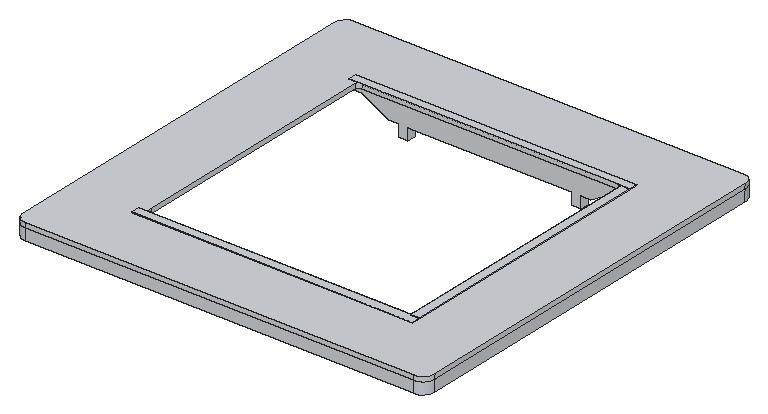
Revit family "Gira_0211295", category Electrical Fixtures, host Face, Revit 2017
Family settings
  Host = Face
  Maintain Annotation Orientation = No
  Round Connector Dimension = Use Diameter
  Part Type = Normal
  Cut with Voids When Loaded = No
  Shared = No
  Room Calculation Point = No
Parameters (values of type "Abdeckrahmen 1f flach Gira E2 Reinweiß")
  Werkstoffgüte = "Thermoplast"
  Werkstoff = "Kunststoff"
  URL = "http://katalog.gira.de/de_DE/datenblatt.html?artikelnr=0211295"
  Transparent = "No"
  Textfeld/Beschriftungsfläche = "No"
  Schutzart (IP) = "IP20"
  Region = "DE"
  RAL-Nummer (ähnlich) = "9010 "
  Oberfläche = "sonstige"
  Name = "Abdeckrahmen 1f flach Gira E2 Reinweiß"
  Montagerichtung = "horizontal und vertikal"
  Mit Montagerahmen = "No"
  Mit Klappdeckel = "No"
  Manufacturer URL = "https://www.gira.de/"
  Keynote = "E2flach_Rahmen_1fach.stp"
  HeinzeBIM = "https://bimportal.heinze.de/bim/abdeckrahmen-1f-flach-gira-e2-reinweiss/2b91a80beee54fe65c890e24a301b51d3f3a6594"
  Halogenfrei = "Yes"
  HAN = "0211295"
  Geeignet für Unterputz-Installation = "Yes"
  Geeignet für Unterflurkanaldose = "No"
  Geeignet für Geräteeinbaukanal = "No"
  Geeignet für Einbauinstallation = "No"
  GTIN = "4010337022299"
  Farbe = "weiß"
  Default Elevation = 1219.2 mm
  Data sheet (1) = "https://katalog.gira.de/de_DE/download.html?artikelnr=0211295"
  Category = "Abdeckrahmen"
  Befestigungsart = "Klemmbefestigung"
  Available = "Yes"
  Ausführung der Oberfläche = "glänzend"
  Anzahl der Einheiten vertikal = "1 "
  Anzahl der Einheiten horizontal = "1 "
  Anzahl der Einheiten = "1 "
Reference planes
  plane 1 "Center (Front/Back)": y = 0
  plane 2: z = 0
  plane 3 "Center (Left/Right)": x = 0
Forms (mm)
  Extrusion 1, solid, detail levels fine
    sketch origin (0, 0, 0) x (1, 0, 0) y (0, 1, 0)
      loop
        arc (-41.4, 43.9) -> (-43.168, 43.168) -> (-43.9, 41.4) r 2.5
        line (-43.9, 41.4) -> (-43.9, -41.4)
        arc (-43.9, -41.4) -> (-43.168, -43.168) -> (-41.4, -43.9) r 2.5
        line (-41.4, -43.9) -> (41.4, -43.9)
        arc (41.4, -43.9) -> (43.168, -43.168) -> (43.9, -41.4) r 2.5
        line (43.9, -41.4) -> (43.9, 41.4)
        arc (43.9, 41.4) -> (43.168, 43.168) -> (41.4, 43.9) r 2.5
        line (41.4, 43.9) -> (-41.4, 43.9)
      loop
        spline (-28.144, -27.245) -> (-28.136, -27.363) -> (-28.113, -27.478) -> (-28.075, -27.589) -> (-28.023, -27.695) -> (-27.958, -27.792) -> (-27.881, -27.881) -> (-27.792, -27.958) -> (-27.695, -28.023) -> (-27.589, -28.075) -> (-27.478, -28.113) -> (-27.363, -28.136) -> (-27.245, -28.144)
        line (-27.245, -28.144) -> (27.245, -28.144)
        spline (27.245, -28.144) -> (27.363, -28.136) -> (27.478, -28.113) -> (27.589, -28.075) -> (27.695, -28.023) -> (27.792, -27.958) -> (27.881, -27.881) -> (27.958, -27.792) -> (28.023, -27.695) -> (28.075, -27.589) -> (28.113, -27.478) -> (28.136, -27.363) -> (28.144, -27.245)
        line (28.144, -27.245) -> (28.144, 27.245)
        spline (28.144, 27.245) -> (28.136, 27.363) -> (28.113, 27.478) -> (28.075, 27.589) -> (28.023, 27.695) -> (27.958, 27.792) -> (27.881, 27.881) -> (27.792, 27.958) -> (27.695, 28.023) -> (27.589, 28.075) -> (27.478, 28.113) -> (27.363, 28.136) -> (27.245, 28.144)
        line (27.245, 28.144) -> (-27.245, 28.144)
        spline (-27.245, 28.144) -> (-27.363, 28.136) -> (-27.478, 28.113) -> (-27.589, 28.075) -> (-27.695, 28.023) -> (-27.792, 27.958) -> (-27.881, 27.881) -> (-27.958, 27.792) -> (-28.023, 27.695) -> (-28.075, 27.589) -> (-28.113, 27.478) -> (-28.136, 27.363) -> (-28.144, 27.245)
        line (-28.144, 27.245) -> (-28.144, -27.245)
    from 2.5 to 3.4
  Extrusion 2, solid, detail levels fine
    sketch origin (0, 0, 0) x (1, 0, 0) y (0, 1, 0)
      loop
        arc (-41.4, 43.9) -> (-43.168, 43.168) -> (-43.9, 41.4) r 2.5
        line (-43.9, 41.4) -> (-43.9, -41.4)
        arc (-43.9, -41.4) -> (-43.168, -43.168) -> (-41.4, -43.9) r 2.5
        line (-41.4, -43.9) -> (41.4, -43.9)
        arc (41.4, -43.9) -> (43.168, -43.168) -> (43.9, -41.4) r 2.5
        line (43.9, -41.4) -> (43.9, 41.4)
        arc (43.9, 41.4) -> (43.168, 43.168) -> (41.4, 43.9) r 2.5
        line (41.4, 43.9) -> (-41.4, 43.9)
      loop
        arc (-41.4, 43.4) -> (-42.814, 42.814) -> (-43.4, 41.4) r 2
        line (-43.4, 41.4) -> (-43.4, -41.4)
        arc (-43.4, -41.4) -> (-42.814, -42.814) -> (-41.4, -43.4) r 2
        line (-41.4, -43.4) -> (41.4, -43.4)
        arc (41.4, -43.4) -> (42.814, -42.814) -> (43.4, -41.4) r 2
        line (43.4, -41.4) -> (43.4, 41.4)
        arc (43.4, 41.4) -> (42.814, 42.814) -> (41.4, 43.4) r 2
        line (41.4, 43.4) -> (-41.4, 43.4)
    from 0 to 2.5
  Extrusion 3, solid, detail levels fine
    sketch origin (0, 0, 0) x (1, 0, 0) y (0, 0, 1)
      loop
        line (-17.5, -4.06) -> (-17.5, -1.56) -> (17.5, -1.56) -> (17.5, -4.06) -> (19.5, -4.06) -> (19.5, -1.56) -> (21.654, -1.56) -> (27.214, 1.65) -> (30, 1.65) -> (30, 3.4) -> (-30, 3.4) -> (-30, 1.65) -> (-27.214, 1.65) -> (-21.654, -1.56) -> (-19.5, -1.56) -> (-19.5, -4.06) -> (-17.5, -4.06)
    from 28.144 to 30
  Extrusion 4, solid, detail levels fine
    sketch origin (0, 0, 0) x (0, -1, 0) y (0, 0, -1)
      loop
        line (-17.5, 4.06) -> (-19.5, 4.06) -> (-19.5, 1.56) -> (-21.654, 1.56) -> (-27.214, -1.65) -> (-28.144, -1.65) -> (-28.144, -3.4) -> (28.144, -3.4) -> (28.144, -1.65) -> (27.214, -1.65) -> (21.654, 1.56) -> (19.5, 1.56) -> (19.5, 4.06) -> (17.5, 4.06) -> (17.5, 1.56) -> (-17.5, 1.56) -> (-17.5, 4.06)
    from 28.144 to 30
  Extrusion 5, solid, detail levels medium
    sketch origin (0, 0, 0) x (0, -1, 0) y (0, 0, 1)
      loop
        line (-17.5, -4.06) -> (-17.5, -1.56) -> (17.5, -1.56) -> (17.5, -4.06) -> (19.5, -4.06) -> (19.5, -1.56) -> (28.144, -1.56) -> (28.144, 3.4) -> (-28.144, 3.4) -> (-28.144, -1.56) -> (-19.5, -1.56) -> (-19.5, -4.06) -> (-17.5, -4.06)
    from 28.144 to 30
  Extrusion 6, solid, detail levels fine
    sketch origin (0, 0, 0) x (1, 0, 0) y (0, 0, -1)
      loop
        line (-17.5, 4.06) -> (-19.5, 4.06) -> (-19.5, 1.56) -> (-21.654, 1.56) -> (-27.214, -1.65) -> (-30, -1.65) -> (-30, -3.4) -> (30, -3.4) -> (30, -1.65) -> (27.214, -1.65) -> (21.654, 1.56) -> (19.5, 1.56) -> (19.5, 4.06) -> (17.5, 4.06) -> (17.5, 1.56) -> (-17.5, 1.56) -> (-17.5, 4.06)
    from 28.144 to 30
  Extrusion 7, solid, detail levels coarse
    sketch origin (0, 0, 0) x (1, 0, 0) y (0, 1, 0)
      loop
        line (-43.9, 43.9) -> (-43.9, -43.9) -> (43.9, -43.9) -> (43.9, 43.9) -> (-43.9, 43.9)
    from -4.06 to 3.4
  Extrusion 8, solid, detail levels medium
    sketch origin (0, 0, 0) x (1, 0, 0) y (0, 1, 0)
      loop
        line (-43.9, 43.9) -> (-43.9, -43.9) -> (43.9, -43.9) -> (43.9, 43.9) -> (-43.9, 43.9)
    from 0 to 3.4
  Extrusion 9, solid, detail levels medium
    sketch origin (0, 0, 0) x (1, 0, 0) y (0, 0, 1)
      loop
        line (-17.5, -4.06) -> (-17.5, -1.56) -> (17.5, -1.56) -> (17.5, -4.06) -> (19.5, -4.06) -> (19.5, -1.56) -> (30, -1.56) -> (30, 3.4) -> (-30, 3.4) -> (-30, -1.56) -> (-19.5, -1.56) -> (-19.5, -4.06) -> (-17.5, -4.06)
    from 28.144 to 30
  Extrusion 10, solid, detail levels medium
    sketch origin (0, 0, 0) x (1, 0, 0) y (0, 0, -1)
      loop
        line (-17.5, 4.06) -> (-19.5, 4.06) -> (-19.5, 1.56) -> (-30, 1.56) -> (-30, -3.4) -> (30, -3.4) -> (30, 1.56) -> (19.5, 1.56) -> (19.5, 4.06) -> (17.5, 4.06) -> (17.5, 1.56) -> (-17.5, 1.56) -> (-17.5, 4.06)
    from 28.144 to 30
  Extrusion 11, solid, detail levels medium
    sketch origin (0, 0, 0) x (0, -1, 0) y (0, 0, -1)
      loop
        line (-17.5, 4.06) -> (-19.5, 4.06) -> (-19.5, 1.56) -> (-28.144, 1.56) -> (-28.144, -3.4) -> (28.144, -3.4) -> (28.144, 1.56) -> (19.5, 1.56) -> (19.5, 4.06) -> (17.5, 4.06) -> (17.5, 1.56) -> (-17.5, 1.56) -> (-17.5, 4.06)
    from 28.144 to 30
Dimensions and locks
  aligned and locked: plane 2 to host face
  aligned and locked: level to host face
